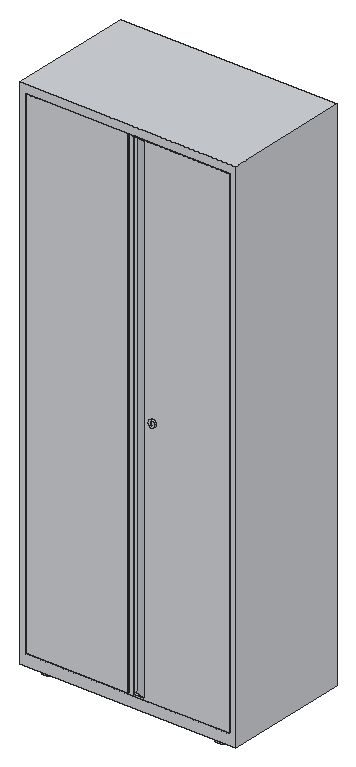
Revit family "Two Door Units", category Furniture, Revit 2018
Family settings
  OmniClass Number = 23.40.20.00
  OmniClass Title = General Furniture and Specialties
  Work Plane-Based = No
  Always vertical = Yes
  Cut with Voids When Loaded = No
  Shared = No
  Room Calculation Point = No
Parameters (values of type "08D60")
  Weight = "68.85 kg"
  Warranty = "10 Years"  # constant formula
  Uniclass2015Version = "V1.1"  # constant formula
  Uniclass2015Title = "Shelves and Storage Units"  # constant formula
  Uniclass 2015 Code = "PR_40_30_78_57"  # constant formula
  URL = "www.bisley.com"
  Training Requirements for Operational Use = "N/A"  # constant formula
  Routine Maintenance = "We recommend you clean your unit with warm water and a mild detergent solution. A damp cloth can be used to remove dust particles."  # constant formula
  Right Door Type = Right Door : 08D60 Right Door
  Right Door Right = 779 mm
  Revision = "V1"  # constant formula
  Range = "LateralFile"  # constant formula
  Product Information = ""
  Model = "08D60"
  Manufacturer = "Bisley"  # constant formula
  Lock_Material = Steel AISI 4620
  Left Door Type = Left Door 2 : 08D60 Left Door
  Installation Date = ""
  Finish = "Powder Coated"  # constant formula
  Expected Life = "<10 Years"  # constant formula
  Door_Material = Steel, Mild
  Dimensions = "800mm x 1947mm x 470mm"
  Cost = 0
  Compliance Standards Certification = "BS EN 14073 2004 Part 2 & 3, BS EN 14074, BS 4875 1998 Part 7 level 4 & Part 8, BS 476 Part 7 1987 Class 2Y"  # constant formula
  Category = "Furniture"  # constant formula
  Carcass_Material = Steel, Mild
  Carcass Type = Carcasses : 08C60
  Author = "Bisley"  # constant formula
  Accessibility Performance = ""
Types (33, lengths in mm): name | Weight | Right Door Type | Right Door Right | Model | Left Door Type | Dimensions | Carcass Type
  (no name) | "68.85 kg" | Right Door : 08D60 Right Door | 779 | "08D60" | Left Door 2 : 08D60 Left Door | "800mm x 1947mm x 470mm" | Carcasses : 08C60
  08D20 | "31.696 kg" | Right Door : 08D20 Right Door | 779 | "08D20" | Left Door 2 : 08D20 Right Door | "800mm x 693mm x 470mm" | Carcasses : 08C20
  08D24 | "36.33 kg" | Right Door : 08D24 Right Door | 779 | "08D24" | Left Door 2 : 08D24 Right Door | "800mm x 845mm x 470mm" | Carcasses : 08C24
  08D30 | "49.313 kg" | Right Door : 08D30 Right Door | 779 | "08D30" | Left Door 2 : 08D30 Right Door | "800mm x 997mm x 470mm" | Carcasses : 08C30
  08D32 | "43.525 kg" | Right Door : 08D32 Right Door | 779 | "08D32" | Left Door 2 : 08D32 Right Door | "800mm x 1073mm x 470mm" | Carcasses : 08C32
  08D34 | "47.3 kg" | Right Door : 08D34 Right Door | 779 | "08D34" | Left Door 2 : 08D34 Left Door | "800mm x 1149mm x 470mm" | Carcasses : 08C34
  08D36 | "48.606 kg" | Right Door : 08D36 Right Door | 779 | "08D36" | Left Door 2 : 08D36 Right Door | "800mm x 1125mm x 470mm" | Carcasses : 08C36
  08D40 | "49.342 kg" | Right Door : 08D40 Right Door | 779 | "08D40" | Left Door 2 : 08D40 Right Door | "800mm x 1301mm x 470mm" | Carcasses : 08C40
  08D43 | "53.184 kg" | Right Door : 08D43 Right Door | 779 | "08D43" | Left Door 2 : 08D43 Right Door | "800mm x 1415mm x 470mm" | Carcasses : 08C43
  08D50 | "59.438 kg" | Right Door : 08D50 Right Door | 779 | "08D50" | Left Door 2 : 08D50 Left Door | "800mm x 1643mm x 470mm" | Carcasses : 08C50
  08D54 | "65.208 kg" | Right Door : 08D54 Right Door | 779 | "08D54" | Left Door 2 : 08D54 Left Door | "800mm x 1795mm x 470mm" | Carcasses : 08C54
  09D60 | "72.985 kg" | Right Door : 09D60 Right Door | 879 | "09D60" | Left Door 2 : 09D60 Left Door | "900mm x 1947mm x 470mm" | Carcasses : 09C60
  08D64 | "72.023 kg" | Right Door : 08D64 Right Door | 779 | "08D64" | Left Door 2 : 08D64 Left Door | "800mm x 2099mm x 470mm" | Carcasses : 08C64
  08DD21 | "33.00 kg" | Right Door : 08DD21 Right Door | 779 | "08DD21" | Left Door 2 : 08DD21 Left Door | "800mm x 718mm x 470mm" | Carcasses : 08DD21
  09D20 | "34.816 kg" | Right Door : 09D20 Right Door | 879 | "09D20" | Left Door 2 : 09D20 Left Door | "900mm x 693mm x 470mm" | Carcasses : 09C20
  09D30 | "44.089 kg" | Right Door : 09D30 Right Door | 879 | "09D30" | Left Door 2 : 09D30 Left Door | "900mm x 997mm x 470mm" | Carcasses : 09C30
  09D32 | "46.658 kg" | Right Door : 09D32 Right Door | 879 | "09D32" | Left Door 2 : 09D32 Left Door | "900mm x 1073mm x 470mm" | Carcasses : 09C32
  09D34 | "46.977 kg" | Right Door : 09D34 Right Door | 879 | "09D34" | Left Door 2 : 09D34 Left Door | "900mm x 1149mm x 470mm" | Carcasses : 09C34
  09D36 | "50.00 kg" | Right Door : 09D36 Right Door | 879 | "09D36" | Left Door 2 : 09D36 Left Door | "900mm x 1225mm x 470mm" | Carcasses : 09C36
  08D60 | "68.85 kg" | Right Door : 08D60 Right Door | 779 | "08D60" | Left Door 2 : 08D60 Left Door | "800mm x 1947mm x 470mm" | Carcasses : 08C60
  09D64 | "81.131 kg" | Right Door : 10D64 Right Door | 879 | "09D64" | Left Door 2 : 09D64 Left Door | "900mm x 2099mm x 470mm" | Carcasses : 09C64
  10D20 | "31.696 kg" | Right Door : 10D20 Right Door | 979 | "10D20" | Left Door 2 : 10D20 Left Door | "1000mm x 693mm x 470mm" | Carcasses : 10C20
  10D24 | "41.295 kg" | Right Door : 10D24 Right Door | 979 | "10D24" | Left Door 2 : 10D24 Left Door | "1000mm x 845mm x 470mm" | Carcasses : 10C24
  10D30 | "46.761 kg" | Right Door : 10D30 Right Door | 979 | "10D30" | Left Door 2 : 10D30 Left Door | "1000mm x 997mm x 470mm" | Carcasses : 10C30
  10D32 | "49.89 kg" | Right Door : 10D32 Right Door | 979 | "10D32" | Left Door 2 : 10D32 Left Door | "1000mm x 1073mm x 470mm" | Carcasses : 10C32
  10D34 | "48.73 kg" | Right Door : 10D34 Right Door | 979 | "10D34" | Left Door 2 : 10D34 Left Door | "1000mm x 1149mm x 470mm" | Carcasses : 10C34
  10D36 | "56.644 kg" | Right Door : 10D36 Right Door | 979 | "10D36" | Left Door 2 : 10D36 Left Door | "1000mm x 1125mm x 470mm" | Carcasses : 10C36
  10D40 | "56.08 kg" | Right Door : 10D40 Right Door | 979 | "10D40" | Left Door 2 : 10D40 Left Door | "1000mm x 1301mm x 470mm" | Carcasses : 10C40
  10D43 | "53.184 kg" | Right Door : 10D43 Right Door | 979 | "10D43" | Left Door 2 : 10D43 Left Door | "1000mm x 1415mm x 470mm" | Carcasses : 10C43
  10D64 | "87.1 kg" | Right Door : 10D64 Right Door | 979 | "10D64" | Left Door 2 : 10D64 Left Door | "1000mm x 2099mm x 470mm" | Carcasses : 10C64
  10D60 | "77.553 kg" | Right Door : 10D60 Right Door | 979 | "10D60" | Left Door 2 : 10D60 Left Door | "1000mm x 1947mm x 470mm" | Carcasses : 10C60
  10D54 | "73.374 kg" | Right Door : 10D54 Right Door | 979 | "10D54" | Left Door 2 : 10D54 Left Door | "1000mm x 1795mm x 470mm" | Carcasses : 10C54
  10D50 | "67.433 kg" | Right Door : 10D50 Right Door | 979 | "10D50" | Left Door 2 : 10D50 Left Door | "1000mm x 1643mm x 470mm" | Carcasses : 10C50
Reference planes
  plane 1 "Center (Front/Back)": y = 0
  plane 2: z = 0
  plane 3 "Center (Left/Right)": x = 0
  plane 4: x = 21
  plane 5: z = 58
  plane 6: x = 779
Dimensions and locks
  locked: plane 4 to plane 3 "Center (Left/Right)" at 21
  locked: plane 5 to level at 58
  "Right Door Right": plane 6 to plane 3 "Center (Left/Right)"
  aligned and locked: level to plane 2
  aligned and locked: plane 4 to nested 2
  aligned and locked: nested 3 to plane 6
  aligned and locked: plane 5 to nested 3
  aligned and locked: level to nested 1
Nested families
  nested 1: "Carcasses" at (0, 0, 17), type <- "Carcass Type", type "08C60"
  nested 2: "Left Door 2" at (21, -470, 58), type <- "Left Door Type", type "08D60 Left Door"
  nested 3: "Right Door" at (401, -450, 58), type <- "Right Door Type", type "08D60 Right Door"
Definition of nested family "Carcasses"
  Parameters (values of type "10C64")
    Width = 1000 mm
    Top Panel Height = 30 mm
    Outer Panels Width = 20 mm
    Height = 2099 mm
    Depth = 470 mm
    Carcass Height = Height - 13 mm  # 2086 mm
    Base Panel Height = 40 mm
  Types (36, lengths in mm): name | Width | Height | Carcass Height
    08C24 | 800 | 845 | 832
    08C36 | 800 | 1225 | 1212
    08C48 | 800 | 1605 | 1592
    08C61 | 800 | 1985 | 1972
    10C24 | 1000 | 845 | 832
    10C36 | 1000 | 1225 | 1212
    10C48 | 1000 | 1605 | 1592
    10C61 | 1000 | 1985 | 1972
    08C20 | 800 | 693 | 680
    08C30 | 800 | 997 | 984
    08C32 | 800 | 1073 | 1060
    08C34 | 800 | 1149 | 1136
    08C40 | 800 | 1301 | 1288
    09C20 | 900 | 693 | 680
    09C30 | 900 | 997 | 984
    10C20 | 1000 | 693 | 680
    10C30 | 1000 | 997 | 984
    10C40 | 1000 | 1301 | 1288
    08C43 | 800 | 1415 | 1402
    08C50 | 800 | 1643 | 1630
    08C54 | 800 | 1795 | 1782
    08C60 | 800 | 1947 | 1934
    08C64 | 800 | 2099 | 2086
    08DD21 | 800 | 718 | 705
    09C32 | 900 | 1073 | 1060
    09C34 | 900 | 1149 | 1136
    09C36 | 900 | 1225 | 1212
    09C60 | 900 | 1947 | 1934
    09C64 | 900 | 2099 | 2086
    10C32 | 1000 | 1073 | 1060
    10C34 | 1000 | 1149 | 1136
    10C43 | 1000 | 1415 | 1402
    10C50 | 1000 | 1643 | 1630
    10C54 | 1000 | 1795 | 1782
    10C60 | 1000 | 1947 | 1934
    10C64 | 1000 | 2099 | 2086
  Reference planes
    plane 1 "Center (Front/Back)": y = 0
    plane 2: z = 0
    plane 3 "Center (Left/Right)": x = 0
    plane 4: x = 1000
    plane 5: y = -470
    plane 6: x = 500
    plane 7: y = -235
    plane 8 "Top": z = 2086
    plane 9: x = 20
    plane 10: x = 980
    plane 11: z = 40
    plane 12: z = 2056
    plane 13: y = -20
    plane 14: x = 78
    plane 15: y = -40
    plane 16: x = 922
    plane 17: y = -430
    plane 18: z = 13
  Forms (mm)
    Extrusion 1, solid
      sketch origin (0, 0, 0) x (1, 0, 0) y (0, 1, 0)
        loop
          line (20, -20) -> (20, -470) -> (980, -470) -> (980, -20) -> (20, -20)
      from 0 to 40
    Extrusion 2, solid
      sketch origin (0, 0, 0) x (1, 0, 0) y (0, 0, 1)
        loop
          line (0, 0) -> (20, 0) -> (20, 2056) -> (0, 2056) -> (0, 0)
      from 20 to 470
    Extrusion 3, solid
      sketch origin (0, 0, 0) x (1, 0, 0) y (0, 0, 1)
        loop
          line (0, 2086) -> (0, 2056) -> (1000, 2056) -> (1000, 2086) -> (0, 2086)
      from 20 to 470
    Extrusion 4, solid
      sketch origin (0, 0, 0) x (1, 0, 0) y (0, 0, 1)
        loop
          line (980, 2056) -> (980, 0) -> (1000, 0) -> (1000, 2056) -> (980, 2056)
      from 20 to 470
    Extrusion 5, solid
      sketch origin (0, 0, 0) x (1, 0, 0) y (0, 1, 0)
        loop
          line (0, 0) -> (0, -20) -> (1000, -20) -> (1000, 0) -> (0, 0)
      from 0 to 2086
  Cuts and joins
    joined: Extrusion 1, Extrusion 2, Extrusion 3, Extrusion 4, Extrusion 5
  Dimensions and locks
    equal spacing: plane 5, plane 7, plane 1 "Center (Front/Back)"
    "Depth": plane 1 "Center (Front/Back)" to plane 5
    equal spacing: plane 3 "Center (Left/Right)", plane 6, plane 4
    "Width": plane 3 "Center (Left/Right)" to plane 4
    "Outer Panels Width": plane 9 to plane 3 "Center (Left/Right)"
    "Outer Panels Width": plane 4 to plane 10
    "Base Panel Height": plane 11 to level
    "Top Panel Height": plane 8 "Top" to plane 12
    Extrusion 2 sketch curve to Extrusion 2 sketch curve = 2056 mm
    locked: plane 17 to plane 5 at 40
    locked: plane 3 "Center (Left/Right)" to plane 14 at 78
    locked: plane 1 "Center (Front/Back)" to plane 15 at 40
    locked: plane 16 to plane 4 at 78
    "Carcass Height": plane 8 "Top" to level
    locked: plane 18 to level at 13
    aligned and locked: level to plane 2
    aligned and locked: plane 5 to Extrusion 1 sketch curve
    aligned and locked: Extrusion 2 sketch curve to level
    aligned and locked: Extrusion 2 sketch curve to plane 3 "Center (Left/Right)"
    aligned and locked: plane 9 to Extrusion 2 sketch curve
    aligned and locked: plane 12 to Extrusion 2
    aligned and locked: Extrusion 3 sketch curve to plane 8 "Top"
    aligned and locked: plane 3 "Center (Left/Right)" to Extrusion 3 sketch curve
    aligned and locked: plane 12 to Extrusion 3 sketch curve
    aligned and locked: Extrusion 3 sketch curve to plane 4
    aligned and locked: Extrusion 4 sketch curve to plane 12
    aligned and locked: plane 10 to Extrusion 4 sketch curve
    aligned and locked: level to Extrusion 4 sketch curve
    aligned and locked: Extrusion 4 sketch curve to plane 4
    aligned and locked: Extrusion 2 to plane 5
    aligned and locked: Extrusion 4 to plane 5
    aligned and locked: Extrusion 2 to Extrusion 1
    aligned and locked: Extrusion 3 to plane 5
    aligned and locked: Extrusion 3 to Extrusion 2
    aligned and locked: plane 8 "Top" to Extrusion 3
    aligned and locked: Extrusion 4 to Extrusion 2
    aligned and locked: plane 1 "Center (Front/Back)" to Extrusion 5 sketch curve
    aligned and locked: plane 3 "Center (Left/Right)" to Extrusion 5 sketch curve
    aligned and locked: Extrusion 5 sketch curve to Extrusion 3  (x2)
    aligned and locked: plane 8 "Top" to Extrusion 5
    aligned and locked: nested 1 to plane 17
    aligned and locked: plane 14 to nested 1
    aligned and locked: nested 2 to plane 15
    aligned and locked: nested 2 to plane 14
    aligned and locked: nested 4 to plane 16
    aligned and locked: nested 4 to plane 15
    aligned and locked: nested 3 to plane 17
    aligned and locked: plane 18 to nested 1
    aligned and locked: nested 2 to plane 18
    aligned and locked: plane 16 to nested 3
    aligned and locked: nested 4 to plane 18
    aligned and locked: plane 18 to nested 3
  Automatic sketch dimensions
    plane 3 "Center (Left/Right)" to Extrusion 1 sketch curve = 20 mm
    plane 10 to Extrusion 1 sketch curve = 0 mm
    Extrusion 1 sketch curve to plane 13 = 0 mm
  Nested families
    nested 1: "Leveling Foor" at (78, -430, -17), type "Leveling Foor"
    nested 2: "Leveling Foor" at (78, -40, -17), type "Leveling Foor"
    nested 3: "Leveling Foor" at (922, -430, -17) x (-1, 0, 0) z (0, 0, 1), type "Leveling Foor"
    nested 4: "Leveling Foor" at (922, -40, -17) x (-1, 0, 0) z (0, 0, 1), type "Leveling Foor"
  Definition of nested family "Leveling Foor"
    Parameters (values of type "Leveling Foor")
      Overall Height = 30 mm
      Diamter 2 = 6 mm
      Diameter = 50 mm
      Base Height = 3 mm
    Reference planes
      plane 1 "Center (Front/Back)": y = 0
      plane 2: z = 0
      plane 3 "Center (Left/Right)": x = 0
      plane 4: x = -25
      plane 5: y = -25
      plane 6: x = 25
      plane 7: y = 25
      plane 8: z = 3
      plane 9: z = 30
      plane 10: x = -3
      plane 11: y = -3
      plane 12: x = 3
      plane 13: y = 3
    Forms (mm)
      Extrusion 1, solid
        sketch origin (0, 0, 0) x (1, 0, 0) y (0, 1, 0)
          loop
            circle (0, 0) r 25
        from 0 to 3
      Extrusion 2, solid
        sketch origin (0, 0, 0) x (1, 0, 0) y (0, 1, 0)
          loop
            circle (0, 0) r 3
        from 3 to 30
    Cuts and joins
      joined: Extrusion 1, Extrusion 2
    Dimensions and locks
      equal spacing: plane 4, plane 3 "Center (Left/Right)", plane 6
      "Diameter": plane 4 to plane 6
      "Diameter": plane 7 to plane 5
      equal spacing: plane 7, plane 1 "Center (Front/Back)", plane 5
      "Base Height": plane 8 to level
      "Overall Height": plane 9 to level
      equal spacing: plane 10, plane 3 "Center (Left/Right)", plane 12
      equal spacing: plane 13, plane 1 "Center (Front/Back)", plane 11
      "Diamter 2": plane 13 to plane 11
      "Diamter 2": plane 10 to plane 12
      "Diamter 2": diameter of Extrusion 2
      "Diameter": diameter of Extrusion 1
      aligned and locked: level to plane 2
      aligned and locked: plane 8 to Extrusion 1
      aligned and locked: Extrusion 1 to level
      aligned and locked: plane 3 "Center (Left/Right)" to Extrusion 1 sketch curve
      aligned and locked: plane 1 "Center (Front/Back)" to Extrusion 1 sketch curve
      aligned and locked: plane 1 "Center (Front/Back)" to Extrusion 2 sketch curve
      aligned and locked: plane 3 "Center (Left/Right)" to Extrusion 2 sketch curve
      aligned and locked: plane 9 to Extrusion 2
      aligned and locked: Extrusion 2 to plane 8
    Automatic sketch dimensions
      radius of Extrusion 1 sketch curve = 25 mm
      radius of Extrusion 2 sketch curve = 3 mm
Definition of nested family "Left Door 2"
  Parameters (values of type "09DD21 Left Door")
    Width = 428 mm
    Steel thickness = 2 mm  # constant formula
    Mid Height = (Height / 2) + 5 mm  # 321.5 mm
    Height = 633 mm
    Depth = 20 mm
  Types (40, lengths in mm): name | Width | Mid Height | Height
    (no name) | 428 | 321.5 | 633
    08D20 Right Door | 378 | 309 | 608
    08DD21 Left Door | 378 | 321.5 | 633
    08D24 Right Door | 378 | 385 | 760
    08D30 Left Door | 376 | 461 | 912
    08D32 Left Door | 378 | 499 | 988
    08D34 Left Door | 378 | 537 | 1064
    08D36 Left Door | 378 | 576 | 1142
    08D40 Left Door | 378 | 613 | 1216
    08D43 Left Door | 378 | 670 | 1330
    08D50 Left Door | 378 | 784 | 1558
    08D54 Left Door | 378 | 860 | 1710
    08D60 Left Door | 378 | 936 | 1862
    08D64 Left Door | 378 | 1012 | 2014
    09D30 Left Door | 428 | 461 | 912
    09D20 Left Door | 428 | 309 | 608
    09D24 Left Door | 428 | 385 | 760
    09D32 Left Door | 428 | 499 | 988
    09D34 Left Door | 428 | 537 | 1064
    09D36 Left Door | 428 | 576 | 1142
    09D40 Left Door | 428 | 613 | 1216
    09D43 Left Door | 428 | 670 | 1330
    09D50 Left Door | 428 | 784 | 1558
    09D54 Left Door | 428 | 860 | 1710
    09D60 Left Door | 428 | 936 | 1862
    09D64 Left Door | 428 | 1012 | 2014
    09DD21 Left Door | 428 | 321.5 | 633
    10D20 Left Door | 478 | 309 | 608
    10D24 Left Door | 478 | 385 | 760
    10D30 Left Door | 478 | 461 | 912
    10D32 Left Door | 478 | 499 | 988
    10D34 Left Door | 478 | 537 | 1064
    10D36 Left Door | 478 | 576 | 1142
    10D40 Left Door | 478 | 613 | 1216
    10D43 Left Door | 478 | 670 | 1330
    10D50 Left Door | 478 | 784 | 1558
    10D54 Left Door | 478 | 860 | 1710
    10D60 Left Door | 478 | 936 | 1862
    10D64 Left Door | 478 | 1012 | 2014
    10DD21 Left Door | 478 | 321.5 | 633
  Reference planes
    plane 1 "Center (Front/Back)": y = 0
    plane 2: z = 0
    plane 3 "Center (Left/Right)": x = 0
    plane 4: y = 20
    plane 5: z = 633
    plane 6: x = 428
    plane 7: x = 2
    plane 8: z = 631
    plane 9: z = 2
    plane 10: z = 321.5
    plane 11: y = 23
    plane 12: x = 426
    plane 13: x = 443
    plane 14: y = 25
  Forms (mm)
    Extrusion 1, solid
      sketch origin (0, 0, 0) x (1, 0, 0) y (0, 1, 0)
        loop
          line (0, 20) -> (0, 0) -> (428, 0) -> (428, 20) -> (0, 20)
      from 0 to 633
    Extrusion 2, solid
      sketch origin (0, 0, 0) x (1, 0, 0) y (0, 1, 0)
        loop
          line (426, 20) -> (428, 20) -> (428, 23) -> (443, 23) -> (443, 25) -> (426, 25) -> (426, 20)
      from 0 to 633
  Cuts and joins
    joined: Extrusion 1, Extrusion 2
  Dimensions and locks
    "Depth": plane 4 to plane 1 "Center (Front/Back)"
    "Height": plane 5 to level
    "Width": plane 3 "Center (Left/Right)" to plane 6
    "Steel thickness": plane 3 "Center (Left/Right)" to plane 7
    "Steel thickness": plane 5 to plane 8
    "Steel thickness": plane 9 to level
    "Mid Height": level to plane 10
    "Steel thickness": plane 12 to plane 6
    locked: plane 6 to plane 13 at 15
    locked: plane 11 to plane 4 at 3
    "Steel thickness": plane 14 to plane 11
    aligned and locked: level to plane 2
    aligned and locked: Extrusion 1 sketch curve to plane 4
    aligned and locked: plane 3 "Center (Left/Right)" to Extrusion 1 sketch curve
    aligned and locked: Extrusion 1 sketch curve to plane 1 "Center (Front/Back)"
    aligned and locked: Extrusion 1 sketch curve to plane 6
    aligned and locked: plane 5 to Extrusion 1
    aligned and locked: plane 5 to Extrusion 2
    aligned and locked: Extrusion 2 to level
    aligned and locked: Extrusion 1 to level
  Automatic sketch dimensions
    Extrusion 2 sketch curve to plane 4 = 0 mm
    Extrusion 2 sketch curve to plane 12 = 0 mm
    Extrusion 2 sketch curve to plane 6 = 0 mm
    Extrusion 2 sketch curve to plane 13 = 0 mm
    Extrusion 2 sketch curve to plane 11 = 0 mm
    Extrusion 2 sketch curve to plane 14 = 0 mm
Definition of nested family "Right Door"
  Parameters (values of type "08DD21 Right Door")
    Width = 378 mm
    Steel thickness = 2 mm  # constant formula
    Mid Height = (Height / 2) + 5 mm  # 321.5 mm
    Height = 633 mm
    Depth = 20 mm
  Types (39, lengths in mm): name | Width | Mid Height | Height
    08D20 Right Door | 378 | 309 | 608
    08DD21 Right Door | 378 | 321.5 | 633
    08D24 Right Door | 378 | 385 | 760
    08D30 Right Door | 378 | 461 | 912
    08D32 Right Door | 378 | 499 | 988
    08D34 Right Door | 378 | 537 | 1064
    08D36 Right Door | 378 | 576 | 1142
    08D40 Right Door | 378 | 613 | 1216
    08D43 Right Door | 378 | 670 | 1330
    08D50 Right Door | 378 | 784 | 1558
    08D54 Right Door | 378 | 860 | 1710
    08D60 Right Door | 378 | 936 | 1862
    08D64 Right Door | 378 | 1012 | 2014
    09D30 Right Door | 428 | 461 | 912
    09D20 Right Door | 428 | 309 | 608
    09D24 Right Door | 428 | 385 | 760
    09D32 Right Door | 428 | 499 | 988
    09D34 Right Door | 428 | 537 | 1064
    09D36 Right Door | 428 | 576 | 1142
    09D40 Right Door | 428 | 613 | 1216
    09D43 Right Door | 428 | 670 | 1330
    09D50 Right Door | 428 | 784 | 1558
    09D54 Right Door | 428 | 860 | 1710
    09D60 Right Door | 428 | 936 | 1862
    09D64 Right Door | 428 | 1012 | 2014
    09DD21 Right Door | 428 | 329 | 648
    10D20 Right Door | 478 | 309 | 608
    10D24 Right Door | 478 | 385 | 760
    10D30 Right Door | 478 | 461 | 912
    10D32 Right Door | 478 | 499 | 988
    10D34 Right Door | 478 | 537 | 1064
    10D36 Right Door | 478 | 576 | 1142
    10D40 Right Door | 478 | 613 | 1216
    10D43 Right Door | 478 | 670 | 1330
    10D50 Right Door | 478 | 784 | 1558
    10D54 Right Door | 478 | 860 | 1710
    10D60 Right Door | 478 | 936 | 1862
    10D64 Right Door | 478 | 1012 | 2014
    10DD21 Right Door | 478 | 329 | 648
  Reference planes
    plane 1 "Center (Front/Back)": y = 0
    plane 2: z = 0
    plane 3 "Center (Left/Right)": x = 0
    plane 4: y = 20
    plane 5: z = 633
    plane 6: x = 378
    plane 7: y = 18
    plane 8: x = 2
    plane 9: y = 2
    plane 10: x = 62
    plane 11: x = 20
    plane 12: through (20, 2, 1200) normal (-0.3939, 0.9191, 0)
    plane 13: z = 631
    plane 14: z = 2
    plane 15: x = 92
    plane 16: z = 321.5
  Forms (mm)
    Extrusion 1, solid
      sketch origin (0, 0, 0) x (1, 0, 0) y (0, 1, 0)
        loop
          line (20, 2) -> (2, 2) -> (2, 18) -> (20, 18) -> (20, 20) -> (0, 20) -> (0, 0) -> (378, 0) -> (378, 20) -> (62, 20) -> (20, 2)
      from 0 to 633
    Extrusion 2, solid
      sketch origin (0, 0, 0) x (1, 0, 0) y (0, 1, 0)
        loop
          line (378, 0) -> (378, 20) -> (0, 20) -> (0, 0) -> (378, 0)
      from 631 to 633
    Extrusion 3, solid
      sketch origin (0, 0, -2012) x (1, 0, 0) y (0, 1, 0)
        loop
          line (378, 0) -> (378, 20) -> (0, 20) -> (0, 0) -> (378, 0)
      from 2012 to 2014
  Cuts and joins
    joined: Extrusion 1, Extrusion 2, Extrusion 3
  Dimensions and locks
    "Depth": plane 4 to plane 1 "Center (Front/Back)"
    "Height": plane 5 to level
    "Width": plane 3 "Center (Left/Right)" to plane 6
    "Steel thickness": plane 4 to plane 7
    "Steel thickness": plane 3 "Center (Left/Right)" to plane 8
    "Steel thickness": plane 9 to plane 1 "Center (Front/Back)"
    locked: plane 3 "Center (Left/Right)" to plane 10 at 62
    locked: plane 3 "Center (Left/Right)" to plane 11 at 20
    "Steel thickness": plane 5 to plane 13
    "Steel thickness": plane 14 to level
    locked: plane 15 to plane 10 at 30
    "Mid Height": level to plane 16
    aligned and locked: level to plane 2
    aligned and locked: plane 4 to Extrusion 1 sketch curve  (x2)
    aligned and locked: plane 6 to Extrusion 1 sketch curve
    aligned and locked: plane 1 "Center (Front/Back)" to Extrusion 1 sketch curve
    aligned and locked: Extrusion 1 sketch curve to plane 3 "Center (Left/Right)"
    aligned and locked: plane 9 to Extrusion 1 sketch curve
    aligned and locked: plane 8 to Extrusion 1 sketch curve
    aligned and locked: Extrusion 1 sketch curve to plane 7
    aligned and locked: plane 11 to Extrusion 1 sketch curve
    aligned and locked: plane 12 to Extrusion 1 sketch curve
    aligned and locked: Extrusion 2 sketch curve to Extrusion 1  (x4)
    aligned and locked: plane 5 to Extrusion 2
    aligned and locked: plane 5 to Extrusion 1
    aligned and locked: Extrusion 2 to plane 13
    aligned and locked: plane 14 to cut or joined group of Extrusion 1, Extrusion 2, Extrusion 3
    aligned and locked: nested 1 to plane 4
    aligned and locked: nested 1 to plane 15
    aligned and locked: plane 16 to nested 1
  Automatic sketch dimensions
    plane 1 "Center (Front/Back)" to Extrusion 3 sketch curve = 0 mm
    Extrusion 3 sketch curve to plane 3 "Center (Left/Right)" = 0 mm
    Extrusion 3 sketch curve to plane 4 = 0 mm
    Extrusion 3 sketch curve to plane 6 = 0 mm
  Nested families
    nested 1: "Basic AB Lock" at (92, 25, 316.5), type "Basic AB Lock"
  Definition of nested family "Basic AB Lock"
    Reference planes
      plane 1 "Center (Front/Back)": y = 0
      plane 2: z = 0
      plane 3 "Center (Left/Right)": x = 0
    Forms (mm)
      Extrusion 1, solid
        sketch origin (0, 0, 0) x (1, 0, 0) y (0, 0, 1)
          loop
            circle (0, 0) r 12.5
        from 0 to 5
      Extrusion 2, void
        sketch origin (0, 0, 0) x (1, 0, 0) y (0, 0, 1)
          loop
            line (-2.066, 5) -> (-2.066, -4.92) -> (2.194, -4.92) -> (2.194, 5) -> (-2.066, 5)
        from -11.596 to 23.024
    Cuts and joins
      Extrusion 2 cuts Extrusion 1
    Dimensions and locks
      aligned and locked: level to plane 2
